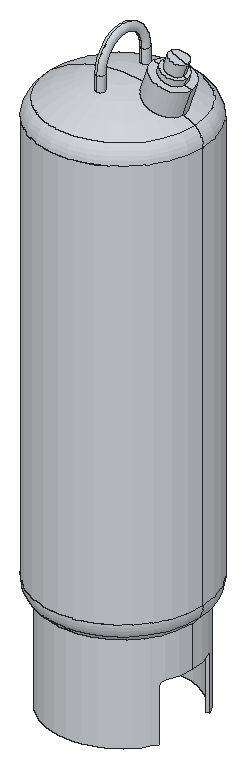
Revit family
Parameters (values of type "ST-35-L 150# W.P. 10 BAR")
  Weight = "69 lbs"
  Tank Volume = "10 Gal"
  Tank Only = 31.472"
  Tank Height/Length = 35.313"
  Tank Diameter = 10.000"
  Pipe Connector Diameter = Pipe Connection Radius * 2  # 1.000"
  Pipe Connection Radius = 0.500"
  Model = "ST-35-L"
  Maximum Acceptance Volume = "10 Gal"
  Max Operating Temp = "240 DEG F"
  Max Operating Pressure = "150PSI"
  Manufacturer = "Amtrol"
  Lifting Ring Location = 3.500" / 2  # 1.750"
  Floor to Elbow Centerline = 1.688"
  Floor to Bottom of Tank = 3.841"
  Bladder/Diaphragm = "Bladder"
  ASME = yes
Reference planes (in)
  plane 1 "Center (Front/Back)": y = 0
  plane 2: z = 0
  plane 3 "Center (Left/Right)": x = 0
Forms (in)
  Revolve 1, solid
    sketch origin (0, 0, 0) x (1, 0, 0) y (0, 0, 1)
      loop
        line (0, 35.313) -> (0, 3.841) -> (3.19936, 3.841) -> (3.19936, 4.341) -> (2.165, 4.341) -> (2.165, 4.537) -> (3.19936, 4.537) -> (3.19936, 5.44775)
        arc (3.19936, 5.44775) -> (3.27707, 5.47994) -> (3.30927, 5.55766) r 0.10991
        arc (3.30927, 5.55766) -> (4.07072, 5.87962) -> (4.69528, 6.42127) r 2.64049
        arc (4.69528, 6.42127) -> (4.92132, 6.81207) -> (4.99984, 7.25666) r 1.298
        line (4.99984, 7.25666) -> (4.99984, 32.85698)
        arc (4.99984, 32.85698) -> (4.84865, 33.42123) -> (4.4654, 33.8621) r 1.29841
        arc (4.4654, 33.8621) -> (2.3476, 34.94118) -> (0, 35.313) r 7.597
      axis (0, 3.841) -> (0, 35.313)
    angle from 0 to 360
  Revolve 2, solid
    sketch origin (0, 0, 0) x (1, 0, 0) y (0, 0, 1)
      loop
        line (3.49813, 37.33998) -> (2.55125, 34.59006) -> (3.74301, 34.1797) -> (4.31275, 35.83436) -> (3.88468, 35.98176) -> (4.00697, 36.33693) -> (3.77711, 36.41608) -> (4.03194, 37.15618) -> (3.49813, 37.33998)
      axis (2.55125, 34.59006) -> (3.49813, 37.33998)
    angle from 0 to 360
  Revolve 3, solid
    sketch origin (0, 0, 0) x (1, 0, 0) y (0, 0, 1)
      loop
        line (-4.33638, 0) -> (-4.08638, 0) -> (-4.08638, 6.5) -> (-4.33638, 6.5) -> (-4.33638, 0)
      axis (0, 0) -> (0, 6.5)
    angle from 0 to 360
  Revolve 4, solid
    sketch origin (0, 0, 0) x (1, 0, 0) y (0, 0, 1)
      loop
        line (0.6492, 3.3675) -> (0.6492, 4.19707) -> (0, 4.19707) -> (0, 3.3675) -> (0.6492, 3.3675)
      axis (0, 3.3675) -> (0, 4.19707)
    angle from 0 to 360
  Extrusion 5, void
    sketch origin (0, 0, 0) x (0, 1, 0) y (0, 0, 1)
      loop
        line (0, 3.5) -> (-1.75, 3.5)
        arc (-1.75, 3.5) -> (-1.92678, 3.42678) -> (-2, 3.25) r 0.25
        line (-2, 3.25) -> (-2, -0.25) -> (2, -0.25) -> (2, 3.25)
        arc (2, 3.25) -> (1.92678, 3.42678) -> (1.75, 3.5) r 0.25
        line (1.75, 3.5) -> (0, 3.5)
    from 2.84574 to 12
  Sweep 6, solid
    path origin (0, 0, 0) x (1, 0, 0) y (0, 0, 1)
      loop
        line (0, 3.188) -> (0, 2.886)
        arc (0, 2.886) -> (0.35089, 2.03889) -> (1.198, 1.688) r 1.198
        line (1.198, 1.688) -> (1.5, 1.688)
    profile origin (0, 0, 3.037) x (0, -1, 0) y (1, 0, 0)
      loop
        circle (0, 0) r 0.75
  Sweep 7, solid
    path origin (0, 0, 0) x (0, 1, 0) y (0, 0, 1)
      loop
        line (1.75, 35.08602) -> (1.75, 36.00246)
        arc (1.75, 36.00246) -> (0, 37.75246) -> (-1.75, 36.00246) r 1.75
        line (-1.75, 36.00246) -> (-1.75, 35.08602)
    profile origin (0, 1.75, 35.54424) x (0, -1, 0) y (1, 0, 0)
      loop
        circle (0, 0) r 0.25
Cuts and joins
  Extrusion 5 cuts Revolve 3
  Extrusion 5 cuts Revolve 4
Dimensions and locks (in)
  "Floor to Bottom of Tank": Revolve 1 sketch curve to level
  "Tank Only": Revolve 1 sketch curve to Revolve 1 sketch curve
  Revolve 1 sketch curve to Revolve 1 sketch curve = 6.29859"
  Revolve 1 sketch curve to Revolve 1 sketch curve = 4.99984"
  Revolve 2 sketch curve to Revolve 1 = 1.32272"
  Revolve 2 sketch curve to Revolve 1 = 1.73308"
  Revolve 2 sketch curve to Revolve 2 sketch curve = 1.750"
  Revolve 2 sketch curve to Revolve 2 sketch curve = 2.12564"
  Revolve 2 sketch curve to Revolve 2 sketch curve = 2.90838"
  "Floor to Elbow Centerline": Sweep 6 sketch curve to cut or joined group of Revolve 3, Extrusion 5
  "Lifting Ring Location": Sweep 7 sketch curve to plane 1 "Center (Front/Back)"
  aligned and locked: import instance to plane 3 "Center (Left/Right)"
  aligned and locked: plane 1 "Center (Front/Back)" to import instance
Automatic sketch dimensions
  Revolve 1 sketch curve to plane 3 "Center (Left/Right)" = 0.000"  (x2)
  plane 3 "Center (Left/Right)" to Revolve 1 sketch curve = 2.165"
  Revolve 1 sketch curve to Revolve 1 sketch curve = 2.3255"
  Revolve 1 sketch curve to Revolve 1 sketch curve = 1.03436"
  Revolve 1 sketch curve to Revolve 1 sketch curve = 0.000"  (x4)
  Revolve 1 sketch curve to Revolve 1 sketch curve = 0.10991"
  Revolve 1 sketch curve to Revolve 1 sketch curve = 1.298"
  Revolve 1 sketch curve to Revolve 1 sketch curve = 1.29762"
  Revolve 1 sketch curve to Revolve 1 sketch curve = 0.53443"
  Revolve 1 sketch curve to Revolve 1 sketch curve = 0.30455"
  Revolve 1 sketch curve to Revolve 1 sketch curve = 0.500"
  Revolve 1 sketch curve to Revolve 1 sketch curve = 0.196"
  Revolve 1 sketch curve to Revolve 1 sketch curve = 0.91075"
  Revolve 1 sketch curve to Revolve 1 sketch curve = 6.028"
  plane 3 "Center (Left/Right)" to Revolve 2 sketch curve = 2.55125"
  Revolve 2 sketch curve to Revolve 2 sketch curve = 0.000"  (x2)
  Revolve 2 sketch curve to Revolve 2 sketch curve = 0.13243"
  Revolve 2 sketch curve to Revolve 2 sketch curve = 0.27898"
  Revolve 2 sketch curve to Revolve 2 sketch curve = 0.10757"
  Revolve 2 sketch curve to Revolve 2 sketch curve = 0.22987"
  Revolve 2 sketch curve to Revolve 2 sketch curve = 0.38461"
  Revolve 3 sketch curve to level = 0.000"  (x2)
  Revolve 3 sketch curve to plane 3 "Center (Left/Right)" = 0.000"
  Revolve 3 sketch curve to plane 3 "Center (Left/Right)" = 4.08638"
  Revolve 3 sketch curve to Revolve 3 sketch curve = 0.250"
  level to Revolve 3 sketch curve = 6.500"
  Revolve 3 sketch curve to Revolve 3 sketch curve = 2.000"
  Revolve 4 sketch curve to plane 3 "Center (Left/Right)" = 0.000"  (x2)
  plane 3 "Center (Left/Right)" to Revolve 4 sketch curve = 0.6492"
  level to Revolve 4 sketch curve = 3.3675"
  Revolve 4 sketch curve to Revolve 4 sketch curve = 0.000"
  Revolve 4 sketch curve to Revolve 4 sketch curve = 0.82957"
  Revolve 4 sketch curve to Revolve 4 sketch curve = 1.25068"
  Extrusion 5 sketch curve to plane 1 "Center (Front/Back)" = 0.000"
  plane 1 "Center (Front/Back)" to Extrusion 5 sketch curve = 1.750"
  Extrusion 5 sketch curve to Extrusion 5 sketch curve = 0.250"  (x2)
  Extrusion 5 sketch curve to plane 1 "Center (Front/Back)" = 1.750"
  Extrusion 5 sketch curve to level = 0.250"
  level to Extrusion 5 sketch curve = 3.250"
  Sweep 6 sketch curve to plane 3 "Center (Left/Right)" = 0.000"
  Sweep 6 sketch curve to Sweep 6 sketch curve = 1.198"
  Sweep 6 sketch curve to Sweep 6 sketch curve = 0.302"  (x2)
  plane 1 "Center (Front/Back)" to Sweep 6 sketch curve = 0.000"
  Sweep 6 sketch curve to profile plane = 0.000"
  plane 1 "Center (Front/Back)" to Sweep 7 sketch curve = 0.000"
  level to Sweep 7 sketch curve = 35.08602"
  Sweep 7 sketch curve to Sweep 7 sketch curve = 0.000"
  Sweep 7 sketch curve to Sweep 7 sketch curve = 0.91644"
  Sweep 7 sketch curve to plane 3 "Center (Left/Right)" = 0.000"
  Sweep 7 sketch curve to profile plane = 0.000"
  radius of Sweep 6 sketch curve = 0.750"
  radius of Sweep 7 sketch curve = 0.250"
Connectors (in)
  piping at (1.5, 0, 1.688), driven by "Pipe Connection Radius"
    settings: on Sweep 6, index 1
